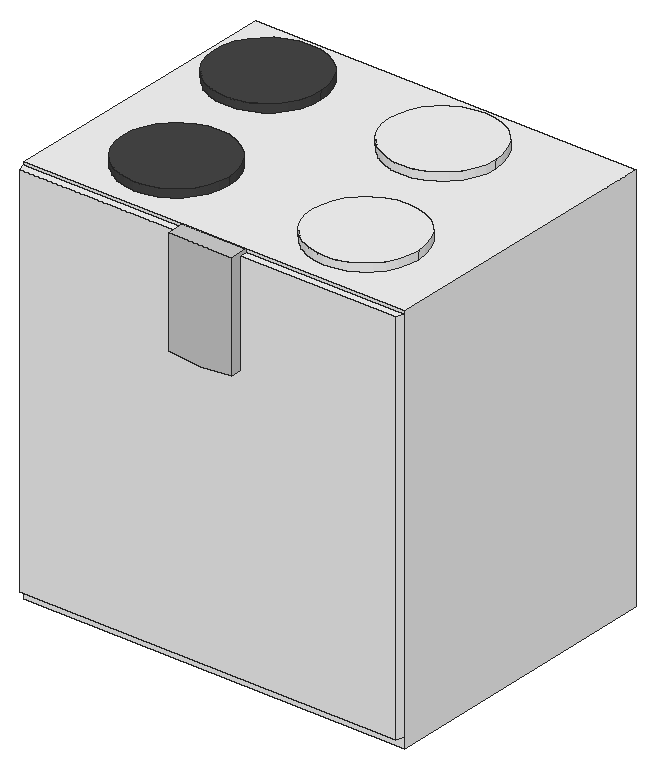
Revit family "CADS_AIRFLOWdev_MVHR_DV96_110_1451", category Mechanical Equipment, host Face, Revit 2015
Parameters (values of type "DV145 (L) Adroit")
  WorkExecutionLevel = "N/A"
  WeeklyMaintenance = "N/A"
  WarrantyStartDate [instance] = "N/A"
  WarrantyPeriodForMotors = "1"
  WarrantyPeriod = "5"
  WarrantyIdentifier = "N/A"
  WarrantyGuarantorParts = "info@airflow.com"
  WarrantyGuarantorLabor = "info@airflow.com"
  WarrantyGuarantor = "Airflow Developments Ltd"
  WarrantyEndDate [instance] = "N/A"
  WarrantyContent = "Motors are covers for 1 year from date of purchase against faulty material or workmanship. Warranty covers repair, and at Airflow's discretion, replace faulty parts and workmanship"
  VAVLinks = no
  Uniclass2015 = "Pr_65_67_29_96"
  TypeOfSummerBypass = "Automatic, 100%"
  TypeOfFrostProtection = "Stops supply fan"
  Type = "DV145 (L) Adroit"
  TagNumber [instance] = "N/A"
  TR = if(Model R, 0 mm, I - H)  # 330 mm
  TL = if(Model R, 0 mm, I - H)  # 330 mm
  Supply_Flow [instance] = 0.0 L/s
  SupplyPhase = 1
  Status = "New"
  Size = "717 x 578 x 748"
  ShippingWeight = 88.00 kg
  Shape = "Rectangular"
  ServiceLifeType = "Expected Service Life"
  ServiceLifeDuration = "12"
  SerialNumber [instance] = "N/A"
  SAPApproval [instance] = no
  RoomExtractAirTerminalDevices = "Mechanical ventilation with heat recovery unit for residential properties"
  Return_Flow [instance] = 0.0 L/s
  ReplacementCost = "3213.576"
  RedDotDesignAward = no
  RatedVoltage = 230 V
  RatedCurrent = 11.9 A
  QuietMarkApproval = no
  QuarterlyMaintenance = "Check cleanliness of air filters, ductwork, grilles and clean if necessary. Replacing the air filters may be required"
  Quantity = 1
  ProductionYear = "2017"
  ProductLiterature = "https://www.airflow.com/Pdf/Brochures/Adroit-DV145.pdf"
  PressureCurve = "https://www.airflow.com/Pdf/Brochures/Adroit-DV145.pdf"
  PowerSource = "System-powered"
  PointOfContact = "Airflow Developments Ltd"
  Plot Main Unit Driver = ""
  PassiveHouseApproval [instance] = yes
  OperationAndMaintenanceManual = "https://www.airflow.com/Pdf/OperatingInstructions/Residential_Heat_Recovery/DV96-DV110-DV145-Adroit-Operating-Instructions.pdf"
  NumberOfPoles = 1
  NominalWidth = 578 mm
  NominalLength = 717 mm
  NominalHeight = 748 mm
  NominalFrequencyRange = "50/60"
  NBSCode = "90-45-30/420 Whole dwelling fan units"
  MotorEnclosureType = "Unknown"
  MotorDriveType = "Direct Drive"
  MonthlyMaintenance = "N/A"
  ModelReference = "90000581"
  ModelLabel = "DV145 Adroit (Left Hand Model)"
  Model R = no
  Model L = yes
  MaximumPowerOutput = 310 W
  Material = "Galvanised Steel"
  ManufacturerWebsite = "www.airflow.com"
  ManufacturerTelephone = "01494 525252"
  ManufacturerE-Mail = "info@airflow.com"
  ManufacturerAddress = "Aidelle House\nLancaster Road\nCressex Business Park\nHigh Wycombe\nBucks\nHP12 3QP"
  Manufacturer = "Airflow Developments Ltd"
  LockedRotorCurrent = "N/A"
  L = 537 mm
  K = 180 mm
  J = 717 mm
  IsGuarded = no
  IsExtendedWarranty = no
  InternetControllable = yes
  InsulationStandardClass = "Class II"
  InstallationDate [instance] = "N/A"
  InstallLocation = "Wall/Floor"
  ISO90001 = yes
  ISO140001 = yes
  IP_Code = "IP34"
  I = 455 mm
  HeatTransferType = "Sensible"
  HeatRecoveryEfficiency = "up to 90%"
  HeatExchangerType = "Cross-Counter-Flow"
  HasProtectiveEarth = yes
  HasPartWinding = no
  HasDefrost = yes
  H = 125 mm
  GrossWeight = 88.00 kg
  Grade = "Virgin"
  GlobalTradeItemNumber = "5019009320038"
  G = 127 mm
  FrameSize = "N/A"
  FireControlPanelLinks = no
  Finish = "Lacquer"
  Features = "High quality, Passive House aproved mvhr unit with triple filter design and internet control,. Air volume up to 542m3/h at 100Pa and heat recovery efficiency up to 90%."
  Fan = "Domestic Mechanical Ventilation with Heat Recovery"
  F = 411 mm
  ExternalExhaustAirTerminals = "90% free air grille"
  ExpectedServiceLife = 12
  Exclusions = "Unit wasn’t installed and used in accordance with the fitting and wiring instructions supplied with each unit. It hasn't been connected to a suitable electrical supply. The unit has be subjected to misuse, neglect or damage. It has been modified or repaired by a person not authorised by Airflow Developments Ltd. It hasn't been installed with in accordance with Building Regulations or IEEE wiring regulations"
  ErPProductFiche = "https://www.airflow.com/AIR1/AIR1-SHOP2/images/products/ErP/fiche/90000581-ErP-Product-Fiche.jpg"
  ErPEnergyRating = "A"
  Electric_Post_Heater = yes
  ElectricMotorEfficiency = "N/A"
  EfficiencyCurve = "N/A"
  EPH_Control = no
  E = 560 mm
  DurationUnit = "Years"
  Ductwork = "Semi-Rigid Ducting"
  Dia = 200 mm
  DesignOfDomesticVentilation = "This unit should provide the minimum flow rates outlined and be installed in line with Approved Document Part F of the Building Regulations."
  Description = "Top Entry mvhr unit for wall/floor installation"
  Default Elevation = 1219.2 mm
  DailyMaintenance = "N/A"
  DVConnectors = CADS_AirFlow_Black
  DVChrome = CADS_Airflow_Chrome
  DVBody = CADS_AirFlow_White
  D = 578 mm
  CoverageArea = 250.00 m²
  Controls = "Internet control, built-in humidity sensor, optional CO2 sensor, optional Adroit digital or speed controller"
  Constituents = "N/A"
  ConductorFunction = "N/A"
  Color = "White"
  CodePerformance = "N/A"
  CapacityControlType = "Variable Speed Drive"
  CEApproval = yes
  CADS_Index = 0
  C = 42 mm
  BatteryType = "N/A"
  BatterySupply = no
  BR = if(Model R, 0 mm, L - K)  # 357 mm
  BMSLinks = yes
  BL = if(Model R, 0 mm, L - K)  # 357 mm
  B = 739 mm
  AssetType = "FIXED"
  AssetIdentifier [instance] = "N/A"
  AssemblyPlace = "N/A"
  ArticleNumber = "N/A"
  AnnualMaintenance = "N/A"
  AirToBrineLinks = yes
  AirFiltersAvailable = "G4 and F7"
  AccessibilityPerformance = "N/A"
  AccessClearanceTop = 0 mm
  AccessClearanceRight = 0 mm
  AccessClearanceLeft = 0 mm
  AccessClearanceFront = 0 mm
  AccessClearanceBottom = 0 mm
  6MonthlyMaintenance = "N/A"
Types (15, lengths in mm): name | TypeOfFrostProtection | Type | TR | TL | Size | ShippingWeight | ReplacementCost | RatedCurrent | Quantity | ProductLiterature | PressureCurve | NominalWidth | NominalLength | NominalHeight | ModelReference | ModelLabel | Model R | Model L | MaximumPowerOutput | L | K | J | InstallLocation | I | H | GrossWeight | GlobalTradeItemNumber | G | Features | F | ErPProductFiche | Electric_Post_Heater | EPH_Control | E | Dia | Description | D | CoverageArea | C | BR | BL | B
  (no name) | "Stops supply fan" | "DV145 (L) Adroit" | 330 | 330 | "717 x 578 x 748" | 88.00 kg | "3213.576" | 11.9 A | 1 | "https://www.airflow.com/Pdf/Brochures/Adroit-DV145.pdf" | "https://www.airflow.com/Pdf/Brochures/Adroit-DV145.pdf" | 578 | 717 | 748 | "90000581" | "DV145 Adroit (Left Hand Model)" | no | yes | 310 W | 537 | 180 | 717 | "Wall/Floor" | 455 | 125 | 88.00 kg | "5019009320038" | 127 | "High quality, Passive House aproved mvhr unit with triple filter design and internet control,. Air volume up to 542m3/h at 100Pa and heat recovery efficiency up to 90%." | 411 | "https://www.airflow.com/AIR1/AIR1-SHOP2/images/products/ErP/fiche/90000581-ErP-Product-Fiche.jpg" | yes | no | 560 | 200 | "Top Entry mvhr unit for wall/floor installation" | 578 | 250.00 m² | 42 | 357 | 357 | 739
  DV96 (R) Adroit | "Stops supply fan" | "DV96 (R) Adroit" | 0 | 0 | "600 x 430 x 545" | 53.00 kg | "2457.144" | 5.1 A | 0 | "https://www.airflow.com/Pdf/Brochures/Adroit-DV96.pdf" | "https://www.airflow.com/Pdf/Brochures/Adroit-DV96.pdf" | 430 | 600 | 545 | "90000576" | "DV96 Adroit (Right Hand Model)" | yes | no | 162 W | 459 | 141 | 600 | "Wall/Ceiling" | 363 | 93 | 53.00 kg | "5019009319988" | 102 | "High quality, Passive House aproved mvhr unit with triple filter design and internet control,. Air volume up to 320m3/h at 100Pa and heat recovery efficiency up to 90%." | 298 | "https://www.airflow.com/AIR1/AIR1-SHOP2/images/products/ErP/fiche/90000576-ErP-Product-Fiche.jpg" | no | no | 407 | 125 | "Top Entry mvhr unit for wall/ceiling installation" | 430 | 130.00 m² | 55 | 0 | 0 | 545
  DV110 (R) Adroit | "Stops supply fan" | "DV110 (R) Adroit" | 0 | 0 | "638 x 472 x 678" | 64.00 kg | "2583.216" | 9.6 A | 0 | "https://www.airflow.com/Pdf/Brochures/Adroit-DV110.pdf" | "https://www.airflow.com/Pdf/Brochures/Adroit-DV110.pdf" | 472 | 638 | 678 | "90000578" | "DV110 Adroit (Right Hand Model)" | yes | no | 200 W | 478 | 160 | 638 | "Wall/Ceiling" | 390 | 112 | 64.00 kg | "5019009320005" | 111 | "High quality, Passive House aproved mvhr unit with triple filter design and internet control,. Air volume up to 370m3/h at 100Pa and heat recovery efficiency up to 90%." | 325 | "https://www.airflow.com/AIR1/AIR1-SHOP2/images/products/ErP/fiche/90000578-ErP-Product-Fiche.jpg" | no | no | 455 | 160 | "Top Entry mvhr unit for wall/ceiling installation" | 472 | 170.00 m² | 42 | 0 | 0 | 678
  DV145 (R) Adroit | "Stops supply fan" | "DV145 (R) Adroit" | 0 | 0 | "717 x 578 x 748" | 88.00 kg | "3213.576" | 11.9 A | 0 | "https://www.airflow.com/Pdf/Brochures/Adroit-DV145.pdf" | "https://www.airflow.com/Pdf/Brochures/Adroit-DV145.pdf" | 578 | 717 | 748 | "90000580" | "DV145 Adroit (Right Hand Model)" | yes | no | 310 W | 537 | 180 | 717 | "Wall/Floor" | 455 | 125 | 88.00 kg | "50190096320021" | 127 | "High quality, Passive House aproved mvhr unit with triple filter design and internet control,. Air volume up to 542m3/h at 100Pa and heat recovery efficiency up to 90%." | 411 | "https://www.airflow.com/AIR1/AIR1-SHOP2/images/products/ErP/fiche/90000580-ErP-Product-Fiche.jpg" | no | no | 560 | 200 | "Top Entry mvhr unit for wall/floor installation" | 578 | 250.00 m² | 42 | 0 | 0 | 739
  DV96 (R) Adroit EPH | "Smart Frost" | "DV96 (R) Adroit EPH" | 0 | 0 | "600 x 430 x 545" | 53.00 kg | "2577.408" | 5.1 A | 0 | "https://www.airflow.com/Pdf/Brochures/Adroit-DV96.pdf" | "https://www.airflow.com/Pdf/Brochures/Adroit-DV96.pdf" | 430 | 600 | 545 | "90000576EPH" | "DV96 Adroit (Right Hand Model with Electric Post Heater)" | yes | no | 162 W | 459 | 141 | 600 | "Wall/Ceiling" | 363 | 93 | 53.00 kg | "5019009319988" | 102 | "High quality, Passive House aproved mvhr unit with triple filter design and internet control,. Air volume up to 320m3/h at 100Pa and heat recovery efficiency up to 90%." | 298 | "https://www.airflow.com/AIR1/AIR1-SHOP2/images/products/ErP/fiche/90000576-ErP-Product-Fiche.jpg" | yes | no | 407 | 125 | "Top Entry mvhr unit for wall/ceiling installation" | 430 | 130.00 m² | 55 | 0 | 0 | 545
  DV96 (R) Adroit EPH & CTL | "Smart Frost" | "DV96 (R) Adroit EPH & CTL" | 0 | 0 | "600 x 430 x 545" | 53.00 kg | "2385.576" | 5.1 A | 0 | "https://www.airflow.com/Pdf/Brochures/Adroit-DV96.pdf" | "https://www.airflow.com/Pdf/Brochures/Adroit-DV96.pdf" | 430 | 600 | 545 | "90000576S" | "DV96 Adroit (Right Hand Model with Electric Post Heater and Control)" | yes | no | 162 W | 459 | 141 | 600 | "Wall/Ceiling" | 363 | 93 | 53.00 kg | "5019009319988" | 102 | "High quality, Passive House aproved mvhr unit with triple filter design and internet control,. Air volume up to 320m3/h at 100Pa and heat recovery efficiency up to 90%." | 298 | "https://www.airflow.com/AIR1/AIR1-SHOP2/images/products/ErP/fiche/90000576-ErP-Product-Fiche.jpg" | yes | yes | 407 | 125 | "Top Entry mvhr unit for wall/ceiling installation" | 430 | 130.00 m² | 55 | 0 | 0 | 545
  DV96 (L) Adroit | "Stops supply fan" | "DV96 (L) Adroit" | 270 | 270 | "600 x 430 x 545" | 53.00 kg | "2457.144" | 5.1 A | 0 | "https://www.airflow.com/Pdf/Brochures/Adroit-DV96.pdf" | "https://www.airflow.com/Pdf/Brochures/Adroit-DV96.pdf" | 430 | 600 | 545 | "90000577" | "DV96 Adroit (Left Hand Model)" | no | yes | 162 W | 459 | 141 | 600 | "Wall/Ceiling" | 363 | 93 | 53.00 kg | "5019009319995" | 102 | "High quality, Passive House aproved mvhr unit with triple filter design and internet control,. Air volume up to 320m3/h at 100Pa and heat recovery efficiency up to 90%." | 298 | "https://www.airflow.com/AIR1/AIR1-SHOP2/images/products/ErP/fiche/90000577-ErP-Product-Fiche.jpg" | no | no | 407 | 125 | "Top Entry mvhr unit for wall/ceiling installation" | 430 | 130.00 m² | 55 | 318 | 318 | 545
  DV96 (L) Adroit EPH | "Smart Frost" | "DV96 (L) Adroit EPH" | 270 | 270 | "600 x 430 x 545" | 53.00 kg | "2577.408" | 5.1 A | 0 | "https://www.airflow.com/Pdf/Brochures/Adroit-DV96.pdf" | "https://www.airflow.com/Pdf/Brochures/Adroit-DV96.pdf" | 430 | 600 | 545 | "90000577EPH" | "DV96 Adroit (Left Hand Model with Electric Post Heater)" | no | yes | 162 W | 459 | 141 | 600 | "Wall/Ceiling" | 363 | 93 | 53.00 kg | "5019009319995" | 102 | "High quality, Passive House aproved mvhr unit with triple filter design and internet control,. Air volume up to 320m3/h at 100Pa and heat recovery efficiency up to 90%." | 298 | "https://www.airflow.com/AIR1/AIR1-SHOP2/images/products/ErP/fiche/90000577-ErP-Product-Fiche.jpg" | yes | no | 407 | 125 | "Top Entry mvhr unit for wall/ceiling installation" | 430 | 130.00 m² | 55 | 318 | 318 | 545
  DV96 (L) Adroit EPH & CTL | "Smart Frost" | "DV96 (L) Adroit EPH & CTL" | 270 | 270 | "600 x 430 x 545" | 53.00 kg | "2385.576" | 5.1 A | 0 | "https://www.airflow.com/Pdf/Brochures/Adroit-DV96.pdf" | "https://www.airflow.com/Pdf/Brochures/Adroit-DV96.pdf" | 430 | 600 | 545 | "900005777S" | "DV96 Adroit (Left Hand Model with Electric Post Heater and Control)" | no | yes | 162 W | 459 | 141 | 600 | "Wall/Ceiling" | 363 | 93 | 53.00 kg | "5019009319988" | 102 | "High quality, Passive House aproved mvhr unit with triple filter design and internet control,. Air volume up to 320m3/h at 100Pa and heat recovery efficiency up to 90%." | 298 | "https://www.airflow.com/AIR1/AIR1-SHOP2/images/products/ErP/fiche/90000577-ErP-Product-Fiche.jpg" | yes | yes | 407 | 125 | "Top Entry mvhr unit for wall/ceiling installation" | 430 | 130.00 m² | 55 | 318 | 318 | 545
  DV110 (R) Adroit EPH | "Smart Frost" | "DV110 (R) Adroit EPH" | 0 | 0 | "638 x 472 x 678" | 64.00 kg | "2583.216" | 9.6 A | 0 | "https://www.airflow.com/Pdf/Brochures/Adroit-DV110.pdf" | "https://www.airflow.com/Pdf/Brochures/Adroit-DV110.pdf" | 472 | 638 | 678 | "90000578EPH" | "DV110 Adroit (Right Hand Model with Electric Post Heater)" | yes | no | 200 W | 478 | 160 | 638 | "Wall/Ceiling" | 390 | 112 | 64.00 kg | "5019009320005" | 111 | "High quality, Passive House aproved mvhr unit with triple filter design and internet control,. Air volume up to 370m3/h at 100Pa and heat recovery efficiency up to 90%." | 325 | "https://www.airflow.com/AIR1/AIR1-SHOP2/images/products/ErP/fiche/90000578-ErP-Product-Fiche.jpg" | yes | no | 455 | 160 | "Top Entry mvhr unit for wall/ceiling installation" | 472 | 170.00 m² | 42 | 0 | 0 | 678
  DV110 (L) Adroit | "Stops supply fan" | "DV110 (L) Adroit" | 278 | 278 | "638 x 472 x 678" | 64.00 kg | "2583.216" | 9.6 A | 0 | "https://www.airflow.com/Pdf/Brochures/Adroit-DV110.pdf" | "https://www.airflow.com/Pdf/Brochures/Adroit-DV110.pdf" | 472 | 638 | 678 | "90000579" | "DV110 Adroit (Left Hand Model)" | no | yes | 200 W | 478 | 160 | 638 | "Wall/Ceiling" | 390 | 112 | 64.00 kg | "5019009320014" | 111 | "High quality, Passive House aproved mvhr unit with triple filter design and internet control,. Air volume up to 370m3/h at 100Pa and heat recovery efficiency up to 90%." | 325 | "https://www.airflow.com/AIR1/AIR1-SHOP2/images/products/ErP/fiche/90000579-ErP-Product-Fiche.jpg" | no | no | 455 | 160 | "Top Entry mvhr unit for wall/ceiling installation" | 472 | 170.00 m² | 42 | 318 | 318 | 678
  DV110 (L) Adroit EPH | "Smart Frost" | "DV110 (L) Adroit EPH" | 278 | 278 | "638 x 472 x 678" | 64.00 kg | "2583.216" | 9.6 A | 0 | "https://www.airflow.com/Pdf/Brochures/Adroit-DV110.pdf" | "https://www.airflow.com/Pdf/Brochures/Adroit-DV110.pdf" | 472 | 638 | 678 | "90000579EPH" | "DV110 Adroit (Left Hand Model with Electric Post Heater)" | no | yes | 200 W | 478 | 160 | 638 | "Wall/Ceiling" | 390 | 112 | 64.00 kg | "5019009320014" | 111 | "High quality, Passive House aproved mvhr unit with triple filter design and internet control,. Air volume up to 370m3/h at 100Pa and heat recovery efficiency up to 90%." | 325 | "https://www.airflow.com/AIR1/AIR1-SHOP2/images/products/ErP/fiche/90000579-ErP-Product-Fiche.jpg" | yes | no | 455 | 160 | "Top Entry mvhr unit for wall/ceiling installation" | 472 | 170.00 m² | 42 | 318 | 318 | 678
  DV145 (R) Adroit EPH | "Smart Frost" | "DV145 (R) Adroit EPH" | 0 | 0 | "717 x 578 x 748" | 88.00 kg | "3440.724" | 11.9 A | 0 | "https://www.airflow.com/Pdf/Brochures/Adroit-DV145.pdf" | "https://www.airflow.com/Pdf/Brochures/Adroit-DV145.pdf" | 578 | 717 | 748 | "90000580EPH" | "DV145 Adroit (Right Hand Model with Electric Post Heater)" | yes | no | 310 W | 537 | 180 | 717 | "Wall/Floor" | 455 | 125 | 88.00 kg | "50190096320021" | 127 | "High quality, Passive House aproved mvhr unit with triple filter design and internet control,. Air volume up to 542m3/h at 100Pa and heat recovery efficiency up to 90%." | 411 | "https://www.airflow.com/AIR1/AIR1-SHOP2/images/products/ErP/fiche/90000580-ErP-Product-Fiche.jpg" | yes | no | 560 | 200 | "Top Entry mvhr unit for wall/floor installation" | 578 | 250.00 m² | 42 | 0 | 0 | 739
  DV145 (L) Adroit EPH | "Smart Frost" | "DV145 (L) Adroit EPH" | 330 | 330 | "717 x 578 x 748" | 88.00 kg | "3440.724" | 11.9 A | 0 | "https://www.airflow.com/Pdf/Brochures/Adroit-DV145.pdf" | "https://www.airflow.com/Pdf/Brochures/Adroit-DV145.pdf" | 578 | 717 | 748 | "90000581EPH" | "DV145 Adroit (Left Hand Model with Electric Post Heater)" | no | yes | 310 W | 537 | 180 | 717 | "Wall/Floor" | 455 | 125 | 88.00 kg | "5019009320038" | 127 | "High quality, Passive House aproved mvhr unit with triple filter design and internet control,. Air volume up to 542m3/h at 100Pa and heat recovery efficiency up to 90%." | 411 | "https://www.airflow.com/AIR1/AIR1-SHOP2/images/products/ErP/fiche/90000581-ErP-Product-Fiche.jpg" | yes | no | 560 | 200 | "Top Entry mvhr unit for wall/floor installation" | 578 | 250.00 m² | 42 | 357 | 357 | 739
  DV145 (L) Adroit | "Stops supply fan" | "DV145 (L) Adroit" | 330 | 330 | "717 x 578 x 748" | 88.00 kg | "3213.576" | 11.9 A | 1 | "https://www.airflow.com/Pdf/Brochures/Adroit-DV145.pdf" | "https://www.airflow.com/Pdf/Brochures/Adroit-DV145.pdf" | 578 | 717 | 748 | "90000581" | "DV145 Adroit (Left Hand Model)" | no | yes | 310 W | 537 | 180 | 717 | "Wall/Floor" | 455 | 125 | 88.00 kg | "5019009320038" | 127 | "High quality, Passive House aproved mvhr unit with triple filter design and internet control,. Air volume up to 542m3/h at 100Pa and heat recovery efficiency up to 90%." | 411 | "https://www.airflow.com/AIR1/AIR1-SHOP2/images/products/ErP/fiche/90000581-ErP-Product-Fiche.jpg" | yes | no | 560 | 200 | "Top Entry mvhr unit for wall/floor installation" | 578 | 250.00 m² | 42 | 357 | 357 | 739
Reference planes
  plane 1 "Center (Front/Back)": y = 0
  plane 2: z = 0
  plane 3 "Center (Left/Right)": x = 0
  plane 4: x = -358.5
  plane 5: x = 358.5
  plane 6: y = 280
  plane 7: y = -280
  plane 8: y = -298
  plane 9: y = 153
  plane 10: y = -131
  plane 11: x = -233.5
  plane 12: x = -178.5
  plane 13: x = 96.5
  plane 14: x = 178.5
  plane 15: z = 739
  plane 16: z = 754
  plane 17: z = -42
  plane 18: z = 734
  plane 19: z = 20
  plane 20: z = 539
  plane 21: x = 60
  plane 22: x = -60
  plane 23: x = 96.5
  plane 24: x = 178.5
  plane 25: x = -178.5
  plane 26: x = -233.5
Forms (mm)
  Extrusion 1, solid, material "CADS_AirFlow_White" <- "DVBody"
    sketch origin (0, 0, 0) x (1, 0, 0) y (0, 1, 0)
      loop
        line (-358.5, 280) -> (-358.5, -265) -> (358.5, -265) -> (358.5, 280) -> (-358.5, 280)
    from 0 to 739
  Extrusion 2, solid, material "CADS_AirFlow_White" <- "DVBody"
    sketch origin (0, 0, 0) x (1, 0, 0) y (0, 1, 0)
      loop
        line (-358.5, -265) -> (-354.481, -280) -> (354.481, -280) -> (358.5, -265) -> (-358.5, -265)
    from 20 to 734
  Extrusion 3, solid, material "CADS_Airflow_Chrome" <- "DVChrome"
    sketch origin (0, 0, 0) x (1, 0, 0) y (0, 0, 1)
      loop
        line (-60, 739) -> (-60, 539)
        arc (-60, 539) -> (0, 532.935) -> (60, 539) r 299.819
        line (60, 539) -> (60, 739) -> (-60, 739)
    from 265 to 298
  Extrusion 4, solid, material "CADS_AirFlow_White" <- "DVBody"
    sketch origin (-32.307, 51.5, 0) x (1, 0, 0) y (0, 1, 0)
      loop
        circle (128.807, 101.5) r 100
    from 739 to 754
  Extrusion 5, solid, material "CADS_AirFlow_Black" <- "DVConnectors"
    sketch origin (-272.301, 213.456, 0) x (1, 0, 0) y (0, 1, 0)
      loop
        circle (38.801, -60.456) r 100
    from 739 to 754
  Extrusion 6, solid, material "CADS_AirFlow_White" <- "DVBody"
    sketch origin (0, 0, 0) x (1, 0, 0) y (0, 1, 0)
      loop
        circle (178.5, -131) r 100
    from 739 to 754
  Extrusion 7, solid, material "CADS_AirFlow_Black" <- "DVConnectors"
    sketch origin (0, 0, 0) x (1, 0, 0) y (0, 1, 0)
      loop
        circle (-178.5, -131) r 100
    from 739 to 754
  Extrusion 8, solid
    sketch origin (0, 0, 0) x (1, 0, 0) y (0, 1, 0)
      loop
        line (178.5, -131) -> (178.5, -151) -> (198.5, -151) -> (198.5, -131) -> (178.5, -131)
    from -42 to 0
Dimensions and locks
  equal spacing: plane 6, plane 1 "Center (Front/Back)", plane 7
  equal spacing: plane 4, plane 3 "Center (Left/Right)", plane 5
  "E": plane 6 to plane 7
  "J": plane 4 to plane 5
  "D": plane 6 to plane 8
  "F": plane 6 to plane 10
  "G": plane 6 to plane 9
  "H": plane 4 to plane 11
  "L": plane 4 to plane 14
  "I": plane 4 to plane 13
  "K": plane 4 to plane 12
  plane 5 to plane 4 = 717 mm
  "B": plane 15 to level
  locked: plane 16 to plane 15 at 15
  "C": level to plane 17
  locked: Extrusion 1 sketch curve to plane 7 at 15
  locked: plane 19 to host face at 20
  locked: plane 15 to plane 18 at 5
  locked: plane 15 to plane 20 at 200
  equal spacing: plane 21, plane 3 "Center (Left/Right)", plane 22
  plane 21 to plane 22 = 120 mm
  "TL": plane 11 to plane 23
  "BL": plane 12 to plane 24
  "BR": plane 25 to plane 14
  "TR": plane 26 to plane 13
  locked: plane 14 to Extrusion 8 sketch curve at 20
  locked: plane 10 to Extrusion 8 sketch curve at 20
  "Dia": diameter of Extrusion 4 sketch curve
  "Dia": diameter of Extrusion 5 sketch curve
  "Dia": diameter of Extrusion 6 sketch curve
  "Dia": diameter of Extrusion 7 sketch curve
  aligned and locked: plane 2 to host face
  aligned and locked: level to host face
  aligned and locked: plane 4 to Extrusion 1 sketch curve
  aligned and locked: Extrusion 1 sketch curve to plane 5
  aligned and locked: plane 7 to Extrusion 2 sketch curve
  aligned and locked: Extrusion 2 sketch curve to Extrusion 1
  aligned and locked: plane 15 to Extrusion 1
  aligned and locked: Extrusion 2 to plane 19
  aligned and locked: plane 18 to Extrusion 2
  aligned and locked: Extrusion 3 to plane 8
  aligned and locked: Extrusion 3 to Extrusion 1
  aligned and locked: plane 16 to Extrusion 4
  aligned and locked: Extrusion 4 to plane 15
  aligned and locked: plane 9 to Extrusion 4
  aligned and locked: plane 23 to Extrusion 4 sketch curve
  aligned and locked: plane 16 to Extrusion 5
  aligned and locked: Extrusion 5 to plane 15
  aligned and locked: plane 10 to Extrusion 6 sketch curve
  aligned and locked: plane 24 to Extrusion 6 sketch curve
  aligned and locked: plane 25 to Extrusion 7 sketch curve
  aligned and locked: plane 16 to Extrusion 7
  aligned and locked: Extrusion 7 to plane 15
  aligned and locked: plane 16 to Extrusion 6
  aligned and locked: Extrusion 6 to plane 15
  aligned and locked: plane 26 to Extrusion 5 sketch curve
  aligned and locked: plane 9 to Extrusion 5 sketch curve
  aligned and locked: Extrusion 8 to plane 17
  aligned and locked: level to Extrusion 8
Automatic sketch dimensions
  host sketch curve to host sketch curve = 2438.4 mm  (x2)
  Extrusion 1 sketch curve to plane 6 = 0 mm
  Extrusion 2 sketch curve to plane 4 = 0 mm
  Extrusion 2 sketch curve to plane 5 = 0 mm
  Extrusion 2 sketch curve to plane 5 = 4.019 mm
  plane 4 to Extrusion 2 sketch curve = 4.019 mm
  Extrusion 3 sketch curve to plane 15 = 0 mm
  Extrusion 3 sketch curve to plane 22 = 0 mm
  Extrusion 3 sketch curve to plane 3 "Center (Left/Right)" = 0 mm
  Extrusion 3 sketch curve to plane 21 = 0 mm
  Extrusion 3 sketch curve to plane 20 = 0 mm
  plane 16 to Extrusion 3 sketch curve = 78.754 mm
  Extrusion 8 sketch curve to plane 10 = 0 mm
  Extrusion 8 sketch curve to plane 14 = 0 mm
  Extrusion 4 sketch curve to plane 9 = 0 mm
  Extrusion 7 sketch curve to plane 10 = 0 mm
Connectors
  electrical at (0, 0, 0)
    settings: index 8, voltage 0 V, apparent load 0 VA, apparent load phase1 0 VA, apparent load phase2 0 VA, apparent load phase3 0 VA, power factor 1, load classification "Other", number of poles 1, system type 14, power factor state 1, is connector primary yes, connector utility no, sub classification motor no, connector description ""
  hvac at (96.5, 153, 739), driven by "Dia", driven by "Supply_Flow"
    settings: on Extrusion 4, index 9, duct flow 0.0 L/s, flow factor 0, pres drop 0.0 Pa, loss coef 0, conn angle 0.00°, conn width 304.8 mm, conn height 304.8 mm, conn diameter 200 mm, duct sys type 1, conn prof type 0, flow config 0, flow direction 2, loss method 0, conn ref index 12, conn util no, is conn primary yes, conn desc ""
  hvac at (178.5, -131, 739), driven by "Dia", driven by "Return_Flow"
    settings: on Extrusion 6, index 10, duct flow 0.0 L/s, flow factor 0, pres drop 0.0 Pa, loss coef 0, conn angle 0.00°, conn width 304.8 mm, conn height 304.8 mm, conn diameter 200 mm, duct sys type 2, conn prof type 0, flow config 0, flow direction 1, loss method 0, conn ref index 11, conn util no, is conn primary no, conn desc ""
  hvac at (-233.5, 153, 739), driven by "Dia", driven by "Return_Flow"
    settings: on Extrusion 5, index 11, duct flow 0.0 L/s, flow factor 0, pres drop 0.0 Pa, loss coef 0, conn angle 0.00°, conn width 304.8 mm, conn height 304.8 mm, conn diameter 200 mm, duct sys type 3, conn prof type 0, flow config 1, flow direction 2, loss method 0, conn ref index 10, conn util no, is conn primary no, conn desc ""
  hvac at (-178.5, -131, 739), driven by "Dia", driven by "Supply_Flow"
    settings: on Extrusion 7, index 12, duct flow 0.0 L/s, flow factor 0, pres drop 0.0 Pa, loss coef 0, conn angle 0.00°, conn width 304.8 mm, conn height 304.8 mm, conn diameter 200 mm, duct sys type 4, conn prof type 0, flow config 1, flow direction 1, loss method 0, conn ref index 9, conn util no, is conn primary no, conn desc ""
